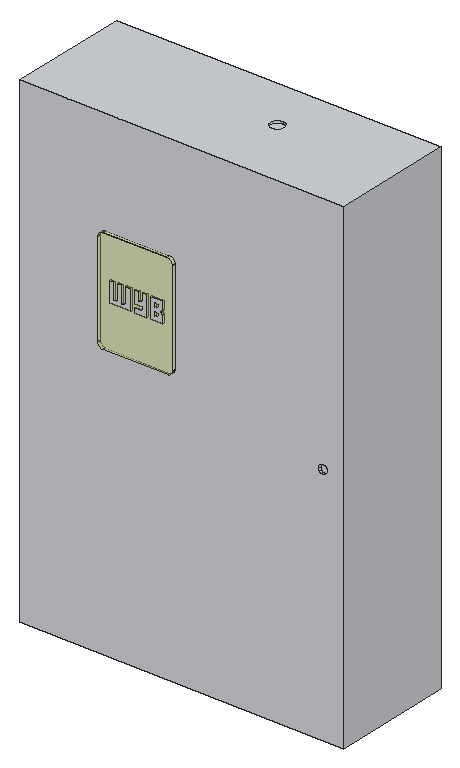
Revit family "ШУВ", category Оборудование, Revit 2020
Family settings
  Размер круглого соединителя = Использовать диаметр
  Классификация = Нет
  Тип детали = Нормальный
  На основе рабочей плоскости = Нет
  Всегда вертикально = Да
  При загрузке вырезать с полостями = Нет
  Общий = Нет
  Точка расчета площади = Нет
Parameters (values of type "ШУВ_SE_АВВ_75-110кВт")
  расст замок верт = 600 mm
  Ширина [instance] = 800 mm
  Расст вывода3 от левой стенки = 670 mm
  Расст замок = 750 mm
  Расст вывода2 от левой стенки = 570 mm
  Расст вывода от левой стенки = 470 mm
  Расст вывода от задней стенки = 100 mm
  Расст ПУШ от верхней стенки = 260 mm
  Расст ввод от задней стенки = 130 mm
  Расст ввод от левой стенки = 500 mm
  Расст ПУШ от левой стенки = 200 mm
  Отметка по умолчанию = 0 mm
  Описание = "ШУВ-М предназначен для управления одно/трехфазным электродвигателем приточного или вытяжного вентилятора системы противопожарной вентиляции от 0,37 до 37 кВт, как в режиме «Местный пуск» с лицевой панели ШУВ-М, так и по сигналам любого модуля/прибора управления в режиме «Автоматический пуск» с контролем и отображением состояния вентилятора при помощи световой индикации и с передачей сигналов состояния на модуль управления, а также с опцией управления электрическим нагревателем мощностью 0,37 – 45 кВт."
  Назв гориз ПУШ = 120 mm
  Комментарии к типоразмеру = "Ш6/ABB"
  Изготовитель = "ООО \"Плазма-Т\""
  Группа модели = "ШУВ-М"
  Глубина [instance] = 300 mm
  Высота [instance] = 1200 mm
  URL = "https://plazma-t.ru/"
Types (12, lengths in mm): name | расст замок верт | Ширина | Расст вывода3 от левой стенки | Расст замок | Расст вывода2 от левой стенки | Расст вывода от левой стенки | Расст вывода от задней стенки | Расст ПУШ от верхней стенки | Расст ввод от задней стенки | Расст ввод от левой стенки | Расст ПУШ от левой стенки | Назв гориз ПУШ | Комментарии к типоразмеру | Глубина | Высота
  ШУВ_DEK _ 0,37-11кВт | 195 | 310 | 210 | 55 | 155 | 105.005 | 55 | 48 | 55 | 60 | 80 | 180 | "Ш1/DEK" | 220 | 395
  ШУВ_SE_АВВ_0,37-11кВт | 195 | 305 | 210 | 260 | 150 | 90 | 100 | 48 | 100 | 220 | 30 | 120 | "Ш1/ABB" | 204 | 405
  ШУВ_IP54_DEK_15-37кВт | 250 | 400 | 270 | 55 | 210 | 150 | 55 | 80 | 60 | 320 | 110 | 210 | "Ш2/IP54/DEK" | 225 | 500
  ШУВ_IP31_DEK_15-37кВт | 250 | 400 | 270 | 55 | 210 | 150 | 55 | 80 | 60 | 320 | 110 | 210 | "Ш2/IP31/DEK" | 200 | 500
  ШУВ_SE_АВВ_15-37кВт | 350 | 500 | 380 | 450 | 320 | 260 | 125 | 130 | 100 | 315 | 140 | 120 | "Ш3/ABB" | 250 | 700
  ШУВ_DEK _ 45кВт | 400 | 650 | 330 | 55 | 260 | 190 | 125 | 180 | 60 | 400 | 340 | 210 | "Ш4/DEK" | 250 | 800
  ШУВ_SE_АВВ_45кВт | 400 | 600 | 270 | 550 | 210 | 150 | 125 | 170 | 100 | 355 | 150 | 120 | "Ш4/ABB" | 250 | 800
  ШУВ_IP31_DEK_55кВт | 500 | 650 | 325 | 55 | 270 | 215 | 55 | 180 | 60 | 400 | 340 | 210 | "Ш5/IP31/DEK" | 300 | 1000
  ШУВ_IP54_DEK_55кВт | 500 | 650 | 480 | 55 | 380 | 280 | 125 | 240 | 60 | 400 | 340 | 210 | "Ш5/IP54/DEK" | 285 | 1000
  ШУВ_SE_АВВ_55кВт | 400 | 600 | 270 | 550 | 210 | 150 | 100 | 240 | 100 | 355 | 150 | 120 | "Ш5/ABB" | 300 | 1000
  ШУВ_DEK _ 75-110кВт | 600 | 750 | 480 | 55 | 380 | 280 | 125 | 350 | 60 | 400 | 410 | 210 | "Ш6/DEK" | 300 | 1200
  ШУВ_SE_АВВ_75-110кВт | 600 | 800 | 670 | 750 | 570 | 470 | 100 | 260 | 130 | 500 | 200 | 120 | "Ш6/ABB" | 300 | 1200
Reference planes
  plane 1 "По центру (Вперед/Назад)": y = 0
  plane 2: z = 0
  plane 3 "По центру (Влево/Вправо)": x = 0
  plane 4: y = -9
  plane 5 "Текст": y = -9
Forms (mm)
  Extrusion 1, solid
    sketch origin (0, 0, 0) x (1, 0, 0) y (0, 1, 0)
      loop
        line (0, 0) -> (800, 0) -> (800, 300) -> (0, 300) -> (0, 0)
    from 0 to 1200
  Extrusion 2, solid, material "Источник света по умолчанию"
    sketch origin (0, 0, 0) x (1, 0, 0) y (0, 0, 1)
      loop
        arc (213, 940) -> (203.808, 936.192) -> (200, 927) r 13
        line (200, 927) -> (200, 693)
        arc (200, 693) -> (203.808, 683.808) -> (213, 680) r 13
        line (213, 680) -> (371.542, 680)
        arc (371.542, 680) -> (380.734, 683.808) -> (384.542, 693) r 13
        line (384.542, 693) -> (384.542, 927)
        arc (384.542, 927) -> (380.734, 936.192) -> (371.542, 940) r 13
        line (371.542, 940) -> (213, 940)
    from 0 to 9
  Extrusion 3, void
    sketch origin (0, 0, 0) x (1, 0, 0) y (0, 0, 1)
      loop
        circle (750, 600) r 11.5
    from 10 to -5.347
  Extrusion 4, void
    sketch origin (0, 0, 1200) x (0, 1, 0) y (1, 0, 0)
      loop
        circle (170, 500) r 17
    from 0 to 3
  Extrusion 5, void
    sketch origin (0, 0, 0) x (1, 0, 0) y (0, 1, 0)
      loop
        circle (470, 200) r 17
    from 0 to 3
  Extrusion 6, void
    sketch origin (0, 0, 0) x (1, 0, 0) y (0, 1, 0)
      loop
        circle (570, 200) r 17
    from 0 to 3
  Extrusion 7, void
    sketch origin (0, 0, 0) x (1, 0, 0) y (0, 1, 0)
      loop
        circle (670, 200) r 17
    from 0 to 3
  Extrusion 8, solid
    sketch origin (6.165, -9, 682.743) x (0, 0, -1) y (-1, 0, 0)
      loop
        line (-157.257, -223.835) -> (-157.257, -233.835) -> (-117.257, -233.835) -> (-117.257, -243.835) -> (-157.257, -243.835) -> (-157.257, -253.835) -> (-117.257, -253.835) -> (-117.257, -263.835) -> (-157.257, -263.835) -> (-157.257, -273.835) -> (-107.257, -273.835) -> (-107.257, -223.835) -> (-157.257, -223.835)
      loop
        line (-157.257, -283.835) -> (-157.257, -293.835) -> (-137.257, -293.835) -> (-137.257, -303.835) -> (-157.257, -303.835) -> (-157.257, -313.835) -> (-107.257, -313.835) -> (-107.257, -283.835) -> (-117.257, -283.835) -> (-117.257, -303.835) -> (-127.257, -303.835) -> (-127.257, -283.835) -> (-157.257, -283.835)
      loop
        line (-157.257, -323.835) -> (-157.257, -353.835) -> (-137.257, -353.835) -> (-132.257, -348.835) -> (-127.257, -353.835) -> (-107.257, -353.835) -> (-107.257, -323.835) -> (-157.257, -323.835)
      loop
        line (-117.257, -333.835) -> (-127.257, -333.835) -> (-127.257, -343.835) -> (-117.257, -343.835) -> (-117.257, -333.835)
      loop
        line (-147.257, -333.835) -> (-147.257, -343.835) -> (-137.257, -343.835) -> (-137.257, -333.835) -> (-147.257, -333.835)
    from 0 to 3
  Extrusion 9, void
    sketch origin (0, 0, 0) x (1, 0, 0) y (0, 1, 0)
      loop
        circle (50, 50) r 17
      loop
        circle (100, 50) r 17
      loop
        circle (150, 50) r 17
      loop
        circle (200, 50) r 17
    from 0 to 3
Cuts and joins
  Extrusion 3, Extrusion 4, Extrusion 5, Extrusion 6, Extrusion 7, Extrusion 9 cuts Extrusion 1
Dimensions and locks
  "Ширина": Extrusion 1 to Extrusion 1
  "Глубина": Extrusion 1 to Extrusion 1
  "Высота": Extrusion 1 to Extrusion 1
  Extrusion 1 to Extrusion 2 sketch curve = 260 mm
  "Расст ПУШ от верхней стенки": Extrusion 1 to Extrusion 2
  "расст замок верт": Extrusion 1 to Extrusion 3 sketch curve
  "Расст замок": Extrusion 1 to Extrusion 3 sketch curve
  "Расст ввод от левой стенки": Extrusion 4 sketch curve to cut or joined group of Extrusion 1, Extrusion 3, Extrusion 4, Extrusion 5, Extrusion 6, Extrusion 7, Extrusion 9
  "Расст ввод от задней стенки": cut or joined group of Extrusion 1, Extrusion 3, Extrusion 4, Extrusion 5, Extrusion 6, Extrusion 7, Extrusion 9 to Extrusion 4 sketch curve
  locked: Extrusion 2 sketch curve to Extrusion 2 sketch curve at 184.542
  locked: Extrusion 2 sketch curve to Extrusion 2 sketch curve at 260
  "Расст ПУШ от левой стенки": cut or joined group of Extrusion 1, Extrusion 3, Extrusion 4, Extrusion 5, Extrusion 6, Extrusion 7, Extrusion 9 to Extrusion 2 sketch curve
  "Расст вывода от левой стенки": cut or joined group of Extrusion 1, Extrusion 3, Extrusion 4, Extrusion 5, Extrusion 6, Extrusion 7, Extrusion 9 to Extrusion 5 sketch curve
  "Расст вывода от задней стенки": cut or joined group of Extrusion 1, Extrusion 3, Extrusion 4, Extrusion 5, Extrusion 6, Extrusion 7, Extrusion 9 to Extrusion 5 sketch curve
  "Расст вывода от задней стенки": cut or joined group of Extrusion 1, Extrusion 3, Extrusion 4, Extrusion 5, Extrusion 6, Extrusion 7, Extrusion 9 to Extrusion 6 sketch curve
  "Расст вывода2 от левой стенки": cut or joined group of Extrusion 1, Extrusion 3, Extrusion 4, Extrusion 5, Extrusion 6, Extrusion 7, Extrusion 9 to Extrusion 6 sketch curve
  "Расст вывода от задней стенки": cut or joined group of Extrusion 1, Extrusion 3, Extrusion 4, Extrusion 5, Extrusion 6, Extrusion 7, Extrusion 9 to Extrusion 7 sketch curve
  "Расст вывода3 от левой стенки": cut or joined group of Extrusion 1, Extrusion 3, Extrusion 4, Extrusion 5, Extrusion 6, Extrusion 7, Extrusion 9 to Extrusion 7 sketch curve
  cut or joined group of Extrusion 1, Extrusion 3, Extrusion 4, Extrusion 5, Extrusion 6, Extrusion 7, Extrusion 9 to cut or joined group of Extrusion 1, Extrusion 3, Extrusion 4, Extrusion 5, Extrusion 6, Extrusion 7, Extrusion 9 = 800 mm
  locked: Extrusion 2 to Extrusion 8 at 160
  locked: Extrusion 2 to Extrusion 8 at 30
  locked: Extrusion 8 to Extrusion 8 at 130
  locked: Extrusion 8 to Extrusion 8 at 50  (x4)
  locked: Extrusion 8 to Extrusion 8 at 90
  locked: Extrusion 8 to Extrusion 8 at 30
  cut or joined group of Extrusion 1, Extrusion 3, Extrusion 4, Extrusion 5, Extrusion 6, Extrusion 7, Extrusion 9 to Extrusion 9 sketch curve = 50 mm  (x5)
  Extrusion 9 sketch curve to Extrusion 9 sketch curve to Extrusion 9 sketch curve to Extrusion 9 sketch curve = 50 mm, 50 mm, 50 mm
  diameter of Extrusion 4 sketch curve = 34 mm
  aligned and locked: level to plane 2
  aligned and locked: Extrusion 1 to level
  aligned and locked: Extrusion 1 to plane 3 "По центру (Влево/Вправо)"
  aligned and locked: plane 1 "По центру (Вперед/Назад)" to Extrusion 1
  aligned and locked: plane 5 "Текст" to Extrusion 2
Automatic sketch dimensions
  plane 3 "По центру (Влево/Вправо)" to Extrusion 1 sketch curve = 0 mm
  plane 1 "По центру (Вперед/Назад)" to Extrusion 1 sketch curve = 0 mm
  plane 3 "По центру (Влево/Вправо)" to Extrusion 1 sketch curve = 800 mm
  Extrusion 1 sketch curve to plane 1 "По центру (Вперед/Назад)" = 300 mm
  plane 3 "По центру (Влево/Вправо)" to Extrusion 8 sketch curve = 230 mm
  level to Extrusion 8 sketch curve = 840 mm
  Extrusion 8 sketch curve to Extrusion 8 sketch curve = 0 mm  (x11)
  Extrusion 8 sketch curve to Extrusion 8 sketch curve = 20 mm  (x2)
  plane 3 "По центру (Влево/Вправо)" to Extrusion 8 sketch curve = 360 mm
  Extrusion 8 sketch curve to Extrusion 8 sketch curve = 10 mm  (x18)
  Extrusion 8 sketch curve to Extrusion 8 sketch curve = 5 mm  (x5)
  Extrusion 8 sketch curve to Extrusion 8 sketch curve = 40 mm
  Extrusion 2 sketch curve to Extrusion 2 sketch curve = 13 mm  (x4)
  radius of Extrusion 9 sketch curve = 17 mm  (x4)
  radius of Extrusion 3 sketch curve = 11.5 mm
  radius of Extrusion 5 sketch curve = 17 mm
  radius of Extrusion 6 sketch curve = 17 mm
  radius of Extrusion 7 sketch curve = 17 mm
Connectors
  electrical at (500, 170, 1197)
    settings: on cut or joined group of Extrusion 1, Extrusion 3, Extrusion 4, Extrusion 5, Extrusion 6, Extrusion 7, Extrusion 9, index 1, voltage 0 V, apparent load 0 VA, apparent load phase1 0 VA, apparent load phase2 0 VA, apparent load phase3 0 VA, power factor 1, load classification "Прочее", number of poles 1, system type 30, power factor state 1, is connector primary yes, connector utility no, sub classification motor no, connector description "380V"
  electrical at (470, 200, 3)
    settings: on cut or joined group of Extrusion 1, Extrusion 3, Extrusion 4, Extrusion 5, Extrusion 6, Extrusion 7, Extrusion 9, index 2, voltage 0 V, apparent load 0 VA, apparent load phase1 0 VA, apparent load phase2 0 VA, apparent load phase3 0 VA, power factor 1, load classification "Прочее", number of poles 1, system type 11, power factor state 1, is connector primary no, connector utility no, sub classification motor no, connector description "24V или 220V"
  electrical at (570, 200, 3)
    settings: on cut or joined group of Extrusion 1, Extrusion 3, Extrusion 4, Extrusion 5, Extrusion 6, Extrusion 7, Extrusion 9, index 3, voltage 0 V, apparent load 0 VA, apparent load phase1 0 VA, apparent load phase2 0 VA, apparent load phase3 0 VA, power factor 1, load classification "Прочее", number of poles 1, system type 11, power factor state 1, is connector primary no, connector utility no, sub classification motor no, connector description "шлейф"
  electrical at (50, 50, 3)
    settings: on cut or joined group of Extrusion 1, Extrusion 3, Extrusion 4, Extrusion 5, Extrusion 6, Extrusion 7, Extrusion 9, index 4, voltage 0 V, apparent load 0 VA, apparent load phase1 0 VA, apparent load phase2 0 VA, apparent load phase3 0 VA, power factor 1, load classification "Прочее", number of poles 1, system type 13, power factor state 1, is connector primary no, connector utility no, sub classification motor no, connector description "реле"
  electrical at (100, 50, 3)
    settings: on cut or joined group of Extrusion 1, Extrusion 3, Extrusion 4, Extrusion 5, Extrusion 6, Extrusion 7, Extrusion 9, index 5, voltage 0 V, apparent load 0 VA, apparent load phase1 0 VA, apparent load phase2 0 VA, apparent load phase3 0 VA, power factor 1, load classification "Прочее", number of poles 1, system type 13, power factor state 1, is connector primary no, connector utility no, sub classification motor no, connector description "реле"
  electrical at (150, 50, 3)
    settings: on cut or joined group of Extrusion 1, Extrusion 3, Extrusion 4, Extrusion 5, Extrusion 6, Extrusion 7, Extrusion 9, index 6, voltage 0 V, apparent load 0 VA, apparent load phase1 0 VA, apparent load phase2 0 VA, apparent load phase3 0 VA, power factor 1, load classification "Прочее", number of poles 1, system type 13, power factor state 1, is connector primary no, connector utility no, sub classification motor no, connector description "реле"
  electrical at (200, 50, 3)
    settings: on cut or joined group of Extrusion 1, Extrusion 3, Extrusion 4, Extrusion 5, Extrusion 6, Extrusion 7, Extrusion 9, index 7, voltage 0 V, apparent load 0 VA, apparent load phase1 0 VA, apparent load phase2 0 VA, apparent load phase3 0 VA, power factor 1, load classification "Прочее", number of poles 1, system type 13, power factor state 1, is connector primary no, connector utility no, sub classification motor no, connector description "нагрузка 24V"
  electrical at (670, 200, 3)
    settings: on cut or joined group of Extrusion 1, Extrusion 3, Extrusion 4, Extrusion 5, Extrusion 6, Extrusion 7, Extrusion 9, index 8, voltage 0 V, apparent load 0 VA, apparent load phase1 0 VA, apparent load phase2 0 VA, apparent load phase3 0 VA, power factor 1, load classification "Прочее", number of poles 1, system type 11, power factor state 1, is connector primary no, connector utility no, sub classification motor no, connector description "шлейф"
